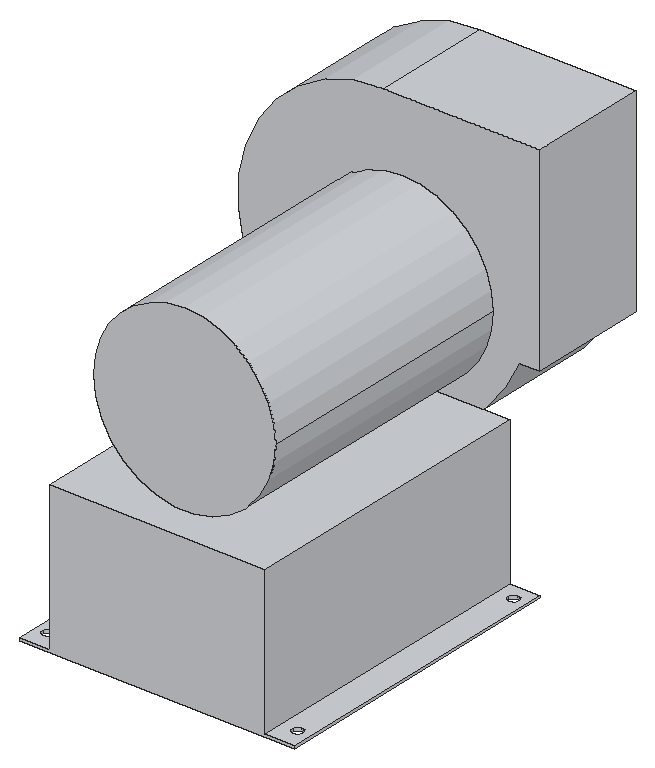
Revit family "CPFD_CW_THD", category Mechanical Equipment, Revit 2019
Family settings
  Round Connector Dimension = Use Radius
  Part Type = Normal
  Work Plane-Based = No
  Always vertical = Yes
  Cut with Voids When Loaded = No
  Shared = No
  Room Calculation Point = No
Parameters (values of type "9_CPFD_CW_THD")
  Unit Weight [instance] = ""
  T_SQ/2 = T_SQ / 2  # 1' - 4"
  T_SQ = 2' - 8"
  Sones [instance] = ""
  SPACE = 0' - 2"
  Q = 0' - 0 3/4"
  P/6 = P / 6  # 0' - 1 1/2"
  P/2 = P / 2  # 0' - 4 1/2"
  P = 0' - 9"
  N/2 = N / 2  # 0' - 0 9/32"
  N = 0' - 0 9/16"
  Motor RPM [instance] = ""
  Motor Enclosure [instance] = ""
  ModelID [instance] = ""
  M = 0' - 4 5/8"
  LwA [instance] = ""
  L = 0' - 7 5/8"
  K = 0' - 1"
  J = 1' - 1 3/4"
  H/2 = H / 2  # 0' - 6 3/8"
  H-1.5" = H - 0' 1 1/2"  # 0' - 11 1/4"
  H = 1' - 0 3/4"
  G-1" = G - 0' 1"  # 0' - 6"
  G = 0' - 7"
  Fan RPM [instance] = ""
  F+1.25" = -(F + 0' 1 1/4")  # -0' - 7 1/8"
  F+.25" = -(F + 0' 0 1/4")  # -0' - 6 1/8"
  F = 0' - 5 7/8"
  E+.25" = E + 0' 0 1/4"  # 0' - 10 1/8"
  E = 0' - 9 7/8"
  D = 0' - 11 1/8"
  C/2 = C / 2  # 0' - 10 1/4"
  C = 1' - 8 1/2"
  B/2 = B / 2  # 0' - 10 7/8"
  B-F-2" = B - F - 0' 2"  # 1' - 1 7/8"
  B-F-.25" = B - F - 0' 0 1/4"  # 1' - 3 5/8"
  B = 1' - 9 3/4"
  Accessories [instance] = ""
  A/2 = A / 2  # 0' - 7"
  A = 1' - 2"
  3" = 0' - 3"  # constant formula
  Brake Hp [instance] = ""
  4" = 0' - 4"  # constant formula
  2' = 2' - 0"
  2" = 0' - 2"  # constant formula
  1" = 0' - 1"  # constant formula
  0 = 0' - 0"  # constant formula
  Voltage [instance] = 0 V
  URL = "www.lorencook.com"
  Type Comments = "Forward Curved Centrifugal Blower Direct Drive Clockwise Top Horizontal Arrangement 4"  # constant formula
  Static Pressure [instance] = 0.00 in-wg
  Power [instance] = Voltage * Motor FLA * sqrt(if(Phase = 3, 3, 1))  # 0 VA
  Phase [instance] = 0
  Number of Poles [instance] = 1
  Motor Hp [instance] = "0"
  Motor FLA [instance] = 0 A
  Model = "CPFD_CW_THD"  # constant formula
  Manufacturer = "Loren Cook Company"
  CFM [instance] = 0 CFM
  1.5 = 0' - 1 1/2"  # constant formula
  ONE EIGTH = 0' - 0 1/8"  # constant formula
  (P/2)-.125" = (P / 2) - 0' 0 1/8"  # 0' - 4 3/8"
Types (6): name | SPACE | Q | P/6 | P/2 | P | N/2 | N | M | L | J | H/2 | H-1.5" | H | G-1" | G | F+1.25" | F+.25" | F | E+.25" | E | D | C/2 | C | B/2 | B-F-2" | B-F-.25" | B | A/2 | A | (P/2)-.125"
  (no name) | 0' - 2" | 0' - 0 3/4" | 0' - 1 1/2" | 0' - 4 1/2" | 0' - 9" | 0' - 0 9/32" | 0' - 0 9/16" | 0' - 4 5/8" | 0' - 7 5/8" | 1' - 1 3/4" | 0' - 6 3/8" | 0' - 11 1/4" | 1' - 0 3/4" | 0' - 6" | 0' - 7" | -0' - 7 1/8" | -0' - 6 1/8" | 0' - 5 7/8" | 0' - 10 1/8" | 0' - 9 7/8" | 0' - 11 1/8" | 0' - 10 1/4" | 1' - 8 1/2" | 0' - 10 7/8" | 1' - 1 7/8" | 1' - 3 5/8" | 1' - 9 3/4" | 0' - 7" | 1' - 2" | 0' - 4 3/8"
  6_CPFD_CW_THD | 0' - 1 1/2" | 0' - 0 1/2" | 0' - 1.16667" | 0' - 3 1/2" | 0' - 7" | 0' - 0 7/32" | 0' - 0 7/16" | 0' - 3 5/8" | 0' - 4 5/8" | 0' - 10 3/4" | 0' - 6 1/4" | 0' - 11" | 1' - 0 1/2" | 0' - 4 3/4" | 0' - 5 3/4" | -0' - 5 7/8" | -0' - 4 7/8" | 0' - 4 5/8" | 0' - 8 1/8" | 0' - 7 7/8" | 0' - 8 1/8" | 0' - 7 7/8" | 1' - 3 3/4" | 0' - 9 1/4" | 0' - 11 7/8" | 1' - 1 5/8" | 1' - 6 1/2" | 0' - 6 3/4" | 1' - 1 1/2" | 0' - 3 3/8"
  7_CPFD_CW_THD | 0' - 1 1/2" | 0' - 0 5/8" | 0' - 1.16667" | 0' - 3 1/2" | 0' - 7" | 0' - 0 7/32" | 0' - 0 7/16" | 0' - 3 5/8" | 0' - 7 1/8" | 1' - 0 1/4" | 0' - 6 1/4" | 0' - 11" | 1' - 0 1/2" | 0' - 5 1/8" | 0' - 6 1/8" | -0' - 6 5/8" | -0' - 5 5/8" | 0' - 5 3/8" | 0' - 8 5/8" | 0' - 8 3/8" | 0' - 10 5/8" | 0' - 9 5/16" | 1' - 6 5/8" | 0' - 10 1/8" | 1' - 0 7/8" | 1' - 2 5/8" | 1' - 8 1/4" | 0' - 6 3/4" | 1' - 1 1/2" | 0' - 3 3/8"
  9_CPFD_CW_THD | 0' - 2" | 0' - 0 3/4" | 0' - 1 1/2" | 0' - 4 1/2" | 0' - 9" | 0' - 0 9/32" | 0' - 0 9/16" | 0' - 4 5/8" | 0' - 7 5/8" | 1' - 1 3/4" | 0' - 6 3/8" | 0' - 11 1/4" | 1' - 0 3/4" | 0' - 6" | 0' - 7" | -0' - 7 1/8" | -0' - 6 1/8" | 0' - 5 7/8" | 0' - 10 1/8" | 0' - 9 7/8" | 0' - 11 1/8" | 0' - 10 1/4" | 1' - 8 1/2" | 0' - 10 7/8" | 1' - 1 7/8" | 1' - 3 5/8" | 1' - 9 3/4" | 0' - 7" | 1' - 2" | 0' - 4 3/8"
  10_CPFD_CW_THD | 0' - 1 1/2" | 0' - 1 1/16" | 0' - 1 1/2" | 0' - 4 1/2" | 0' - 9" | 0' - 0 9/32" | 0' - 0 9/16" | 0' - 4 5/8" | 0' - 9 7/8" | 1' - 1 3/4" | 0' - 7 1/8" | 1' - 0 3/4" | 1' - 2 1/4" | 0' - 7" | 0' - 8" | -0' - 7 5/8" | -0' - 6 5/8" | 0' - 6 3/8" | 0' - 11 5/8" | 0' - 11 3/8" | 1' - 2 3/8" | 1' - 0 15/32" | 2' - 0 15/16" | 0' - 11 1/8" | 1' - 1 7/8" | 1' - 3 5/8" | 1' - 10 1/4" | 0' - 7 3/4" | 1' - 3 1/2" | 0' - 4 3/8"
  12_CPFD_CW_THD | 0' - 2 1/2" | 0' - 1" | 0' - 2.08333" | 0' - 6 1/4" | 1' - 0 1/2" | 0' - 0 9/32" | 0' - 0 9/16" | 0' - 4 5/8" | 0' - 9 7/8" | 1' - 2 1/4" | 0' - 7 7/8" | 1' - 2 1/4" | 1' - 3 3/4" | 0' - 8" | 0' - 9" | -0' - 7 1/8" | -0' - 6 1/8" | 0' - 5 7/8" | 1' - 1 5/8" | 1' - 1 3/8" | 1' - 2 3/8" | 1' - 1 1/2" | 2' - 3" | 0' - 11 3/8" | 1' - 2 7/8" | 1' - 4 5/8" | 1' - 10 3/4" | 0' - 8 1/2" | 1' - 5" | 0' - 6 1/8"
Reference planes (in)
  plane 1 "Center (Front/Back)": y = 0
  plane 2: z = 0
  plane 3 "Center (Left/Right)": x = 0.40541
Forms (in)
  Extrusion 1, solid
    sketch origin (0, 0, 0) x (1, 0, 0) y (0, 0, 1)
      loop
        line (-6.59459, 0) -> (7.40541, 0) -> (7.40541, 0.125) -> (5.90541, 0.125) -> (5.90541, 7.625) -> (-5.09459, 7.625) -> (-5.09459, 0.125) -> (-6.59459, 0.125) -> (-6.59459, 0)
    from 0 to 15.625 <- "B-F-.25""
  Extrusion 2, solid
    sketch origin (0, 0, 0) x (1, 0, 0) y (0, 0, 1)
      loop
        circle (0.40541, 12.25) r 4.625
    from 0 to 13.875 <- "B-F-2""
  Extrusion 3, solid
    sketch origin (0, 0, 0) x (1, 0, 0) y (0, 0, 1)
      loop
        circle (0.40541, 11.125) r 4.5
      loop
        circle (0.40541, 11.125) r 4.375
    from -7.125 <- "F+1.25"" to -6.125 <- "F+.25""
  Extrusion 4, void
    sketch origin (0, 0, 0) x (1, 0, 0) y (0, 1, 0)
      loop
        circle (-5.96959, -14.625) r 0.28125
      loop
        circle (-5.96959, -0.875) r 0.28125
      loop
        circle (6.78041, -14.625) r 0.28125
      loop
        circle (6.78041, -0.875) r 0.28125
    from 0 to 0.125
  Extrusion 5, solid
    sketch origin (0, 0, 0) x (1, 0, 0) y (0, 0, 1)
      loop
        line (7.40541, 10.375) -> (7.40541, 20.5) -> (-0.52955, 20.5)
        arc (-0.52955, 20.5) -> (-6.6657, 8.85964) -> (6.40541, 10.375) r 7.4375
        line (6.40541, 10.375) -> (7.40541, 10.375)
    from 0 to -6.125 <- "F+.25""
  Revolve 6, void
    sketch origin (0.40541, 0, 0) x (0, 1, 0) y (0, 0, 1)
      loop
        arc (6.125, 15.5) -> (5.68566, 14.43934) -> (4.625, 14) r 1.5
        line (4.625, 14) -> (4.625, 11.125) -> (6.125, 11.125) -> (6.125, 15.5)
      axis (4.625, 11.125) -> (6.125, 11.125)
    angle from 0 to 360
Cuts and joins
  Extrusion 4 cuts Extrusion 1
  Revolve 6 cuts Extrusion 3
  Revolve 6 cuts Extrusion 5
Dimensions and locks (in)
  "A/2": plane 3 "Center (Left/Right)" to Extrusion 1 sketch curve
  "A/2": Extrusion 1 sketch curve to plane 3 "Center (Left/Right)"
  "1.5": Extrusion 1 sketch curve to Extrusion 1 sketch curve  (x2)
  "L": Extrusion 1 sketch curve to level
  "ONE EIGTH": Extrusion 1 sketch curve to Extrusion 1 sketch curve  (x2)
  "0": Extrusion 2 sketch curve to Extrusion 1
  "0": Extrusion 2 sketch curve to plane 3 "Center (Left/Right)"
  "M": Extrusion 2 sketch curve to Extrusion 1
  "0": Extrusion 3 sketch curve to plane 3 "Center (Left/Right)"  (x2)
  "K": Extrusion 1 to Extrusion 4 sketch curve  (x2)
  "J": Extrusion 4 sketch curve to Extrusion 4 sketch curve  (x2)
  "H/2": Extrusion 4 sketch curve to plane 3 "Center (Left/Right)"  (x4)
  locked: Extrusion 3 sketch curve to Extrusion 3 sketch curve
  "D": Extrusion 3 sketch curve to level
  "C": level to Extrusion 5 sketch curve
  "G": Extrusion 5 sketch curve to plane 3 "Center (Left/Right)"
  "E+.25"": Extrusion 5 sketch curve to Extrusion 5 sketch curve
  "1"": Extrusion 5 sketch curve to Extrusion 5 sketch curve
  "SPACE": Extrusion 5 sketch curve to cut or joined group of Extrusion 1, Extrusion 4
  "D": Revolve 6 sketch curve to level
  "0": Revolve 6 sketch curve to Revolve 6 sketch curve
  "P/6": Extrusion 5 to Revolve 6 sketch curve
  "(P/2)-.125"": Revolve 6 sketch curve to Revolve 6 sketch curve
  "P/2": radius of Extrusion 3 sketch curve
  "(P/2)-.125"": radius of Extrusion 3 sketch curve
  "N/2": radius of Extrusion 4 sketch curve  (x4)
  "P/6": radius of Revolve 6 sketch curve
Automatic sketch dimensions
  Extrusion 1 sketch curve to level = 0' - 0"
  Revolve 6 sketch curve to Revolve 6 sketch curve = 0' - 0"
  Revolve 6 sketch curve to Revolve 6 sketch curve = 0' - 2 3/4"
Connectors (in)
  electrical at (0.40541, -13.875, 12.25)
    settings: on Extrusion 2, index 1, voltage 0 V, apparent load 0 VA, apparent load phase1 0 VA, apparent load phase2 0 VA, apparent load phase3 0 VA, power factor 1, load classification "Other", number of poles 1, system type 30, power factor state 1, is connector primary yes, connector utility no, sub classification motor no, connector description ""
  hvac at (7.40541, 3.0625, 15.4375), driven by "E+.25"", driven by "F+.25""
    settings: on Extrusion 5, index 3, duct flow 0 CFM, flow factor 0, pres drop 0.00 in-wg, loss coef 0, conn angle 0.00°, conn width -6 1/8", conn height 10 1/8", conn diameter 24", duct sys type 29, conn prof type 1, flow config 0, flow direction 2, loss method 0, conn ref index -1, conn util no, is conn primary yes, conn desc ""
  hvac at (0.40541, 7.125, 11.125), driven by "P/2"
    settings: on Extrusion 3, index 4, duct flow 0 CFM, flow factor 0, pres drop 0.00 in-wg, loss coef 0, conn angle 0.00°, conn width 12", conn height 12", conn diameter 9", duct sys type 29, conn prof type 0, flow config 0, flow direction 1, loss method 0, conn ref index -1, conn util no, is conn primary no, conn desc ""
